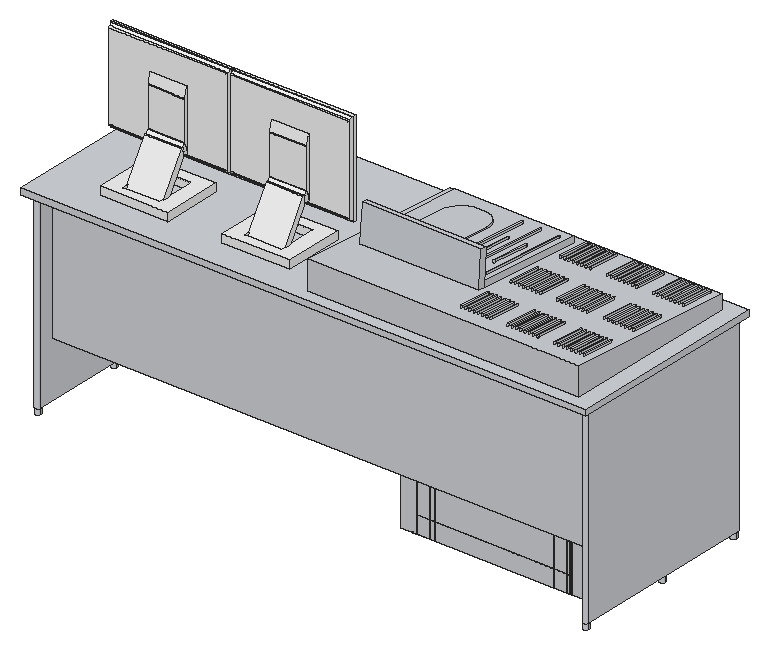
Revit family
Parameters (values of type "mixing console desk2")
  Model = ""
  Manufacturer = "Revit"
  Support Material = none
  Desk Material = none
  Description = "Desk"
  Assembly Code = ""
Reference planes
  plane 1 "Center (Front/Back)": y = 0
  plane 2: z = 0
  plane 3 "Center (Left/Right)": x = 0
  plane 4 "Top": z = 720
  plane 5: z = 700
  plane 6 "base": z = 20
  plane 7 "base1": z = 220
  plane 8: y = -255
  plane 9: x = -173.75
  plane 10: x = -187.083
Forms (mm)
  Extrusion 1, solid, material <- "Desk Material"
    sketch origin (0, 0, 0) x (1, 0, 0) y (0, 1, 0)
      loop
        line (-1280, 0) -> (-1280, -720) -> (720, -720) -> (720, 0) -> (-1280, 0)
    from 700 to 720
  Extrusion 2, solid, material <- "Desk Material"
    sketch origin (0, 0, 20) x (0, -1, 0) y (1, 0, 0)
      loop
        line (15, -1260) -> (680, -1260)
        arc (680, -1260) -> (690, -1250) -> (680, -1240) r 10
        line (680, -1240) -> (15, -1240) -> (15, -1260)
      loop
        line (15, 700) -> (15, 680) -> (680, 680)
        arc (680, 680) -> (690, 690) -> (680, 700) r 10
        line (680, 700) -> (15, 700)
    from 0 to 680
  Extrusion 3, solid, material <- "Support Material"
    sketch origin (0, 0, 220) x (1, 0, 0) y (0, 1, 0)
      loop
        circle (-1250, -26.581) r 10
      loop
        circle (-1250, -679.344) r 10
      loop
        circle (-1250, -341.581) r 10
      loop
        circle (690, -26.581) r 10
      loop
        circle (690, -679.344) r 10
      loop
        circle (690, -341.581) r 10
    from -220 to -200
  Extrusion 4, solid, material <- "Desk Material"
    sketch origin (0, -140, 220) x (1, 0, 0) y (0, 1, 0)
      loop
        line (-1240, -470) -> (-1240, -490) -> (680, -490) -> (680, -470) -> (-1240, -470)
    from 0 to 480
  Extrusion 5, solid, not visible
    sketch origin (0, 0, 0) x (1, 0, 0) y (0, 0, 1)
      loop
        line (-300, 709.5) -> (-300, 80) -> (-242.5, 80) -> (-242.5, 709.5) -> (-300, 709.5)
    from 0 to 650
  Extrusion 6, solid, not visible
    sketch origin (0, 0, 0) x (1, 0, 0) y (0, 0, 1)
      loop
        line (-242.5, 140) -> (-242.5, 80) -> (242.5, 80) -> (242.5, 140) -> (-242.5, 140)
    from 0 to 650
  Extrusion 7, solid, not visible
    sketch origin (542.5, 0, 0) x (1, 0, 0) y (0, 0, 1)
      loop
        line (-300, 709.5) -> (-300, 80) -> (-242.5, 80) -> (-242.5, 709.5) -> (-300, 709.5)
    from 0 to 650
  Extrusion 8, solid, not visible
    sketch origin (0, 0, 569.5) x (1, 0, 0) y (0, 0, 1)
      loop
        line (-242.5, 140) -> (-242.5, 80) -> (242.5, 80) -> (242.5, 140) -> (-242.5, 140)
    from 0 to 650
  Extrusion 9, solid, not visible
    sketch origin (0, 0, -1290.5) x (1, 0, 0) y (0, 0, 1)
      loop
        line (-242.5, 1851) -> (-242.5, 1806.5) -> (242.5, 1806.5) -> (242.5, 1851) -> (-242.5, 1851)
    from 0 to 500
  Extrusion 10, solid, not visible
    sketch origin (0, 0, -1424) x (1, 0, 0) y (0, 0, 1)
      loop
        line (-242.5, 1851) -> (-242.5, 1806.5) -> (242.5, 1806.5) -> (242.5, 1851) -> (-242.5, 1851)
    from 0 to 500
  Extrusion 11, solid, not visible
    sketch origin (0, 0, -1557.5) x (1, 0, 0) y (0, 0, 1)
      loop
        line (-242.5, 1851) -> (-242.5, 1806.5) -> (242.5, 1806.5) -> (242.5, 1851) -> (-242.5, 1851)
    from 0 to 500
  Extrusion 12, solid, not visible
    sketch origin (0, 0, -1290.5) x (1, 0, 0) y (0, 0, 1)
      loop
        line (-242.5, 1940) -> (-242.5, 1851) -> (242.5, 1851) -> (242.5, 1940) -> (-242.5, 1940)
    from 0 to 500
  Extrusion 13, solid, not visible
    sketch origin (0, 0, -1424) x (1, 0, 0) y (0, 0, 1)
      loop
        line (-242.5, 1940) -> (-242.5, 1851) -> (242.5, 1851) -> (242.5, 1940) -> (-242.5, 1940)
    from 0 to 500
  Extrusion 14, solid, not visible
    sketch origin (0, 0, -1557.5) x (1, 0, 0) y (0, 0, 1)
      loop
        line (-242.5, 1940) -> (-242.5, 1851) -> (242.5, 1851) -> (242.5, 1940) -> (-242.5, 1940)
    from 0 to 500
  Extrusion 15, solid, not visible
    sketch origin (0, 0, -1691) x (1, 0, 0) y (0, 0, 1)
      loop
        line (-242.5, 1940) -> (-242.5, 1831) -> (242.5, 1831) -> (242.5, 1940) -> (-242.5, 1940)
    from 0 to 500
  Extrusion 16, solid, material "Glass", not visible
    sketch origin (0, -650, 0) x (0, 0, 1) y (-1, 0, 0)
      loop
        line (709.5, 242.5) -> (140, 242.5) -> (140, -242.5) -> (709.5, -242.5) -> (709.5, 242.5)
    from 0 to -10
  Extrusion 17, solid, material "Default", not visible
    sketch origin (0, 0, 16.666) x (0, -1, 0) y (1, 0, 0)
      loop
        line (249.477, -187.083) -> (260.523, -187.083) -> (268.333, -179.273) -> (268.333, -168.227) -> (260.523, -160.417) -> (249.477, -160.417) -> (241.667, -168.227) -> (241.667, -179.273) -> (249.477, -187.083)
    from 0 to 10
  Revolve 18, solid, not visible
    sketch origin (0, -255, -5.882) x (1, 0, 0) y (0, 0, 1)
      loop
        line (-173.75, 22.549) -> (-173.75, 85.882) -> (-178.75, 85.882) -> (-178.75, 22.549) -> (-190.417, 22.549)
        arc (-190.417, 22.549) -> (-193.363, 21.328) -> (-194.583, 18.382) r 4.167
        line (-194.583, 18.382) -> (-194.583, 10.049) -> (-192.083, 10.049) -> (-192.083, 5.882) -> (-173.75, 5.882) -> (-173.75, 22.549)
      axis (-173.75, 85.882) -> (-173.75, 5.882)
    angle from 0 to 360
  Extrusion 19, solid
    sketch origin (257.5, -585, -60) x (-1, 0, 0) y (0, 0, 1)
      loop
        line (-300, 709.5) -> (-300, 80) -> (-242.5, 80) -> (-242.5, 709.5) -> (-300, 709.5)
    from 0 to 650
  Extrusion 20, solid
    sketch origin (257.5, -585, -60) x (-1, 0, 0) y (0, 0, 1)
      loop
        line (-242.5, 140) -> (-242.5, 80) -> (242.5, 80) -> (242.5, 140) -> (-242.5, 140)
    from 0 to 650
  Extrusion 21, solid
    sketch origin (-285, -585, -60) x (-1, 0, 0) y (0, 0, 1)
      loop
        line (-300, 709.5) -> (-300, 80) -> (-242.5, 80) -> (-242.5, 709.5) -> (-300, 709.5)
    from 0 to 650
  Extrusion 22, solid
    sketch origin (257.5, -585, 509.5) x (-1, 0, 0) y (0, 0, 1)
      loop
        line (-242.5, 140) -> (-242.5, 80) -> (242.5, 80) -> (242.5, 140) -> (-242.5, 140)
    from 0 to 650
  Extrusion 23, solid
    sketch origin (257.5, -585, -1350.5) x (-1, 0, 0) y (0, 0, 1)
      loop
        line (-242.5, 1851) -> (-242.5, 1806.5) -> (242.5, 1806.5) -> (242.5, 1851) -> (-242.5, 1851)
    from 0 to 500
  Extrusion 24, solid
    sketch origin (257.5, -585, -1484) x (-1, 0, 0) y (0, 0, 1)
      loop
        line (-242.5, 1851) -> (-242.5, 1806.5) -> (242.5, 1806.5) -> (242.5, 1851) -> (-242.5, 1851)
    from 0 to 500
  Extrusion 25, solid
    sketch origin (257.5, -585, -1617.5) x (-1, 0, 0) y (0, 0, 1)
      loop
        line (-242.5, 1851) -> (-242.5, 1806.5) -> (242.5, 1806.5) -> (242.5, 1851) -> (-242.5, 1851)
    from 0 to 500
  Extrusion 26, solid
    sketch origin (257.5, -585, -1350.5) x (-1, 0, 0) y (0, 0, 1)
      loop
        line (-242.5, 1940) -> (-242.5, 1851) -> (242.5, 1851) -> (242.5, 1940) -> (-242.5, 1940)
    from 0 to 500
  Extrusion 27, solid
    sketch origin (257.5, -585, -1484) x (-1, 0, 0) y (0, 0, 1)
      loop
        line (-242.5, 1940) -> (-242.5, 1851) -> (242.5, 1851) -> (242.5, 1940) -> (-242.5, 1940)
    from 0 to 500
  Extrusion 28, solid
    sketch origin (257.5, -585, -1617.5) x (-1, 0, 0) y (0, 0, 1)
      loop
        line (-242.5, 1940) -> (-242.5, 1851) -> (242.5, 1851) -> (242.5, 1940) -> (-242.5, 1940)
    from 0 to 500
  Extrusion 29, solid
    sketch origin (257.5, -585, -1751) x (-1, 0, 0) y (0, 0, 1)
      loop
        line (-242.5, 1940) -> (-242.5, 1831) -> (242.5, 1831) -> (242.5, 1940) -> (-242.5, 1940)
    from 0 to 500
  Extrusion 30, solid, material "Glass"
    sketch origin (257.5, 65, -60) x (0, 0, 1) y (1, 0, 0)
      loop
        line (709.5, 242.5) -> (140, 242.5) -> (140, -242.5) -> (709.5, -242.5) -> (709.5, 242.5)
    from 0 to -10
  Blend 31, solid
    base sketch origin (0, -711.409, 402.35) x (1, 0, 0) y (0, 0, -1)
      loop
        line (660.862, -417.65) -> (660.862, -317.65) -> (-299.138, -317.65) -> (-299.138, -417.65) -> (660.862, -417.65)
    top sketch origin (0, -711.409, 402.35) x (1, 0, 0) y (0, 0, -1)
      loop
        line (660.862, -317.65) -> (-299.138, -317.65) -> (-299.138, -367.65) -> (660.862, -367.65) -> (660.862, -317.65)
    from 35.577 to 666.409
  Extrusion 32, solid
    sketch origin (0, 12.233, 765.463) x (1, 0, 0) y (0, 0.996873, -0.079016)
      loop
        line (634.083, -188.365) -> (634.083, -73.365)
        arc (634.083, -73.365) -> (631.583, -70.865) -> (629.083, -73.365) r 2.5
        line (629.083, -73.365) -> (629.083, -188.365)
        arc (629.083, -188.365) -> (631.583, -190.865) -> (634.083, -188.365) r 2.5
    from 0 to 6.044
  Extrusion 33, solid
    sketch origin (-15, 12.233, 765.463) x (1, 0, 0) y (0, 0.996873, -0.079016)
      loop
        line (634.083, -188.365) -> (634.083, -73.365)
        arc (634.083, -73.365) -> (631.583, -70.865) -> (629.083, -73.365) r 2.5
        line (629.083, -73.365) -> (629.083, -188.365)
        arc (629.083, -188.365) -> (631.583, -190.865) -> (634.083, -188.365) r 2.5
    from 0 to 6.044
  Extrusion 34, solid
    sketch origin (-30, 12.233, 765.463) x (1, 0, 0) y (0, 0.996873, -0.079016)
      loop
        line (634.083, -188.365) -> (634.083, -73.365)
        arc (634.083, -73.365) -> (631.583, -70.865) -> (629.083, -73.365) r 2.5
        line (629.083, -73.365) -> (629.083, -188.365)
        arc (629.083, -188.365) -> (631.583, -190.865) -> (634.083, -188.365) r 2.5
    from 0 to 6.044
  Extrusion 35, solid
    sketch origin (-45, 12.233, 765.463) x (1, 0, 0) y (0, 0.996873, -0.079016)
      loop
        line (634.083, -188.365) -> (634.083, -73.365)
        arc (634.083, -73.365) -> (631.583, -70.865) -> (629.083, -73.365) r 2.5
        line (629.083, -73.365) -> (629.083, -188.365)
        arc (629.083, -188.365) -> (631.583, -190.865) -> (634.083, -188.365) r 2.5
    from 0 to 6.044
  Extrusion 36, solid
    sketch origin (-60, 12.233, 765.463) x (1, 0, 0) y (0, 0.996873, -0.079016)
      loop
        line (634.083, -188.365) -> (634.083, -73.365)
        arc (634.083, -73.365) -> (631.583, -70.865) -> (629.083, -73.365) r 2.5
        line (629.083, -73.365) -> (629.083, -188.365)
        arc (629.083, -188.365) -> (631.583, -190.865) -> (634.083, -188.365) r 2.5
    from 0 to 6.044
  Extrusion 37, solid
    sketch origin (302.5, -585, -60) x (-1, 0, 0) y (0, 0, 1)
      loop
        line (-300, 709.5) -> (-300, 80) -> (-242.5, 80) -> (-242.5, 709.5) -> (-300, 709.5)
    from 0 to 650
  Extrusion 38, solid
    sketch origin (302.5, -585, -60) x (-1, 0, 0) y (0, 0, 1)
      loop
        line (-242.5, 140) -> (-242.5, 80) -> (242.5, 80) -> (242.5, 140) -> (-242.5, 140)
    from 0 to 650
  Extrusion 39, solid
    sketch origin (-240, -585, -60) x (-1, 0, 0) y (0, 0, 1)
      loop
        line (-300, 709.5) -> (-300, 80) -> (-242.5, 80) -> (-242.5, 709.5) -> (-300, 709.5)
    from 0 to 650
  Extrusion 40, solid
    sketch origin (302.5, -585, 509.5) x (-1, 0, 0) y (0, 0, 1)
      loop
        line (-242.5, 140) -> (-242.5, 80) -> (242.5, 80) -> (242.5, 140) -> (-242.5, 140)
    from 0 to 650
  Extrusion 41, solid
    sketch origin (302.5, -585, -1350.5) x (-1, 0, 0) y (0, 0, 1)
      loop
        line (-242.5, 1851) -> (-242.5, 1806.5) -> (242.5, 1806.5) -> (242.5, 1851) -> (-242.5, 1851)
    from 0 to 500
  Extrusion 42, solid
    sketch origin (302.5, -585, -1484) x (-1, 0, 0) y (0, 0, 1)
      loop
        line (-242.5, 1851) -> (-242.5, 1806.5) -> (242.5, 1806.5) -> (242.5, 1851) -> (-242.5, 1851)
    from 0 to 500
  Extrusion 43, solid
    sketch origin (302.5, -585, -1617.5) x (-1, 0, 0) y (0, 0, 1)
      loop
        line (-242.5, 1851) -> (-242.5, 1806.5) -> (242.5, 1806.5) -> (242.5, 1851) -> (-242.5, 1851)
    from 0 to 500
  Extrusion 44, solid
    sketch origin (302.5, -585, -1350.5) x (-1, 0, 0) y (0, 0, 1)
      loop
        line (-242.5, 1940) -> (-242.5, 1851) -> (242.5, 1851) -> (242.5, 1940) -> (-242.5, 1940)
    from 0 to 500
  Extrusion 45, solid
    sketch origin (302.5, -585, -1484) x (-1, 0, 0) y (0, 0, 1)
      loop
        line (-242.5, 1940) -> (-242.5, 1851) -> (242.5, 1851) -> (242.5, 1940) -> (-242.5, 1940)
    from 0 to 500
  Extrusion 46, solid
    sketch origin (302.5, -585, -1617.5) x (-1, 0, 0) y (0, 0, 1)
      loop
        line (-242.5, 1940) -> (-242.5, 1851) -> (242.5, 1851) -> (242.5, 1940) -> (-242.5, 1940)
    from 0 to 500
  Extrusion 47, solid
    sketch origin (302.5, -585, -1751) x (-1, 0, 0) y (0, 0, 1)
      loop
        line (-242.5, 1940) -> (-242.5, 1831) -> (242.5, 1831) -> (242.5, 1940) -> (-242.5, 1940)
    from 0 to 500
  Extrusion 48, solid, material "Glass"
    sketch origin (302.5, 65, -60) x (0, 0, 1) y (1, 0, 0)
      loop
        line (709.5, 242.5) -> (140, 242.5) -> (140, -242.5) -> (709.5, -242.5) -> (709.5, 242.5)
    from 0 to -10
  Extrusion 49, solid
    sketch origin (-75, 12.233, 765.463) x (1, 0, 0) y (0, 0.996873, -0.079016)
      loop
        line (634.083, -188.365) -> (634.083, -73.365)
        arc (634.083, -73.365) -> (631.583, -70.865) -> (629.083, -73.365) r 2.5
        line (629.083, -73.365) -> (629.083, -188.365)
        arc (629.083, -188.365) -> (631.583, -190.865) -> (634.083, -188.365) r 2.5
    from 0 to 6.044
  Extrusion 50, solid
    sketch origin (-90, 12.233, 765.463) x (1, 0, 0) y (0, 0.996873, -0.079016)
      loop
        line (634.083, -188.365) -> (634.083, -73.365)
        arc (634.083, -73.365) -> (631.583, -70.865) -> (629.083, -73.365) r 2.5
        line (629.083, -73.365) -> (629.083, -188.365)
        arc (629.083, -188.365) -> (631.583, -190.865) -> (634.083, -188.365) r 2.5
    from 0 to 6.044
  Extrusion 51, solid
    sketch origin (-105, 12.233, 765.463) x (1, 0, 0) y (0, 0.996873, -0.079016)
      loop
        line (634.083, -188.365) -> (634.083, -73.365)
        arc (634.083, -73.365) -> (631.583, -70.865) -> (629.083, -73.365) r 2.5
        line (629.083, -73.365) -> (629.083, -188.365)
        arc (629.083, -188.365) -> (631.583, -190.865) -> (634.083, -188.365) r 2.5
    from 0 to 6.044
  Extrusion 52, solid
    sketch origin (-165, 12.233, 765.463) x (1, 0, 0) y (0, 0.996873, -0.079016)
      loop
        line (634.083, -188.365) -> (634.083, -73.365)
        arc (634.083, -73.365) -> (631.583, -70.865) -> (629.083, -73.365) r 2.5
        line (629.083, -73.365) -> (629.083, -188.365)
        arc (629.083, -188.365) -> (631.583, -190.865) -> (634.083, -188.365) r 2.5
    from 0 to 6.044
  Extrusion 53, solid
    sketch origin (-180, 12.233, 765.463) x (1, 0, 0) y (0, 0.996873, -0.079016)
      loop
        line (634.083, -188.365) -> (634.083, -73.365)
        arc (634.083, -73.365) -> (631.583, -70.865) -> (629.083, -73.365) r 2.5
        line (629.083, -73.365) -> (629.083, -188.365)
        arc (629.083, -188.365) -> (631.583, -190.865) -> (634.083, -188.365) r 2.5
    from 0 to 6.044
  Extrusion 54, solid
    sketch origin (-195, 12.233, 765.463) x (1, 0, 0) y (0, 0.996873, -0.079016)
      loop
        line (634.083, -188.365) -> (634.083, -73.365)
        arc (634.083, -73.365) -> (631.583, -70.865) -> (629.083, -73.365) r 2.5
        line (629.083, -73.365) -> (629.083, -188.365)
        arc (629.083, -188.365) -> (631.583, -190.865) -> (634.083, -188.365) r 2.5
    from 0 to 6.044
  Extrusion 55, solid
    sketch origin (-210, 12.233, 765.463) x (1, 0, 0) y (0, 0.996873, -0.079016)
      loop
        line (634.083, -188.365) -> (634.083, -73.365)
        arc (634.083, -73.365) -> (631.583, -70.865) -> (629.083, -73.365) r 2.5
        line (629.083, -73.365) -> (629.083, -188.365)
        arc (629.083, -188.365) -> (631.583, -190.865) -> (634.083, -188.365) r 2.5
    from 0 to 6.044
  Extrusion 56, solid
    sketch origin (-225, 12.233, 765.463) x (1, 0, 0) y (0, 0.996873, -0.079016)
      loop
        line (634.083, -188.365) -> (634.083, -73.365)
        arc (634.083, -73.365) -> (631.583, -70.865) -> (629.083, -73.365) r 2.5
        line (629.083, -73.365) -> (629.083, -188.365)
        arc (629.083, -188.365) -> (631.583, -190.865) -> (634.083, -188.365) r 2.5
    from 0 to 6.044
  Extrusion 57, solid
    sketch origin (-240, 12.233, 765.463) x (1, 0, 0) y (0, 0.996873, -0.079016)
      loop
        line (634.083, -188.365) -> (634.083, -73.365)
        arc (634.083, -73.365) -> (631.583, -70.865) -> (629.083, -73.365) r 2.5
        line (629.083, -73.365) -> (629.083, -188.365)
        arc (629.083, -188.365) -> (631.583, -190.865) -> (634.083, -188.365) r 2.5
    from 0 to 6.044
  Extrusion 58, solid
    sketch origin (-255, 12.233, 765.463) x (1, 0, 0) y (0, 0.996873, -0.079016)
      loop
        line (634.083, -188.365) -> (634.083, -73.365)
        arc (634.083, -73.365) -> (631.583, -70.865) -> (629.083, -73.365) r 2.5
        line (629.083, -73.365) -> (629.083, -188.365)
        arc (629.083, -188.365) -> (631.583, -190.865) -> (634.083, -188.365) r 2.5
    from 0 to 6.044
  Extrusion 59, solid
    sketch origin (-270, 12.233, 765.463) x (1, 0, 0) y (0, 0.996873, -0.079016)
      loop
        line (634.083, -188.365) -> (634.083, -73.365)
        arc (634.083, -73.365) -> (631.583, -70.865) -> (629.083, -73.365) r 2.5
        line (629.083, -73.365) -> (629.083, -188.365)
        arc (629.083, -188.365) -> (631.583, -190.865) -> (634.083, -188.365) r 2.5
    from 0 to 6.044
  Extrusion 60, solid
    sketch origin (-330, 12.233, 765.463) x (1, 0, 0) y (0, 0.996873, -0.079016)
      loop
        line (634.083, -188.365) -> (634.083, -73.365)
        arc (634.083, -73.365) -> (631.583, -70.865) -> (629.083, -73.365) r 2.5
        line (629.083, -73.365) -> (629.083, -188.365)
        arc (629.083, -188.365) -> (631.583, -190.865) -> (634.083, -188.365) r 2.5
    from 0 to 6.044
  Extrusion 61, solid
    sketch origin (-345, 12.233, 765.463) x (1, 0, 0) y (0, 0.996873, -0.079016)
      loop
        line (634.083, -188.365) -> (634.083, -73.365)
        arc (634.083, -73.365) -> (631.583, -70.865) -> (629.083, -73.365) r 2.5
        line (629.083, -73.365) -> (629.083, -188.365)
        arc (629.083, -188.365) -> (631.583, -190.865) -> (634.083, -188.365) r 2.5
    from 0 to 6.044
  Extrusion 62, solid
    sketch origin (-360, 12.233, 765.463) x (1, 0, 0) y (0, 0.996873, -0.079016)
      loop
        line (634.083, -188.365) -> (634.083, -73.365)
        arc (634.083, -73.365) -> (631.583, -70.865) -> (629.083, -73.365) r 2.5
        line (629.083, -73.365) -> (629.083, -188.365)
        arc (629.083, -188.365) -> (631.583, -190.865) -> (634.083, -188.365) r 2.5
    from 0 to 6.044
  Extrusion 63, solid
    sketch origin (-375, 12.233, 765.463) x (1, 0, 0) y (0, 0.996873, -0.079016)
      loop
        line (634.083, -188.365) -> (634.083, -73.365)
        arc (634.083, -73.365) -> (631.583, -70.865) -> (629.083, -73.365) r 2.5
        line (629.083, -73.365) -> (629.083, -188.365)
        arc (629.083, -188.365) -> (631.583, -190.865) -> (634.083, -188.365) r 2.5
    from 0 to 6.044
  Extrusion 64, solid
    sketch origin (-390, 12.233, 765.463) x (1, 0, 0) y (0, 0.996873, -0.079016)
      loop
        line (634.083, -188.365) -> (634.083, -73.365)
        arc (634.083, -73.365) -> (631.583, -70.865) -> (629.083, -73.365) r 2.5
        line (629.083, -73.365) -> (629.083, -188.365)
        arc (629.083, -188.365) -> (631.583, -190.865) -> (634.083, -188.365) r 2.5
    from 0 to 6.044
  Extrusion 65, solid
    sketch origin (-405, 12.233, 765.463) x (1, 0, 0) y (0, 0.996873, -0.079016)
      loop
        line (634.083, -188.365) -> (634.083, -73.365)
        arc (634.083, -73.365) -> (631.583, -70.865) -> (629.083, -73.365) r 2.5
        line (629.083, -73.365) -> (629.083, -188.365)
        arc (629.083, -188.365) -> (631.583, -190.865) -> (634.083, -188.365) r 2.5
    from 0 to 6.044
  Extrusion 66, solid
    sketch origin (-420, 12.233, 765.463) x (1, 0, 0) y (0, 0.996873, -0.079016)
      loop
        line (634.083, -188.365) -> (634.083, -73.365)
        arc (634.083, -73.365) -> (631.583, -70.865) -> (629.083, -73.365) r 2.5
        line (629.083, -73.365) -> (629.083, -188.365)
        arc (629.083, -188.365) -> (631.583, -190.865) -> (634.083, -188.365) r 2.5
    from 0 to 6.044
  Extrusion 67, solid
    sketch origin (-435, 12.233, 765.463) x (1, 0, 0) y (0, 0.996873, -0.079016)
      loop
        line (634.083, -188.365) -> (634.083, -73.365)
        arc (634.083, -73.365) -> (631.583, -70.865) -> (629.083, -73.365) r 2.5
        line (629.083, -73.365) -> (629.083, -188.365)
        arc (629.083, -188.365) -> (631.583, -190.865) -> (634.083, -188.365) r 2.5
    from 0 to 6.044
  Extrusion 68, solid
    sketch origin (-20, -582.892, 833.493) x (1, 0, 0) y (0, -0.996843, 0.079399)
      loop
        line (-236.472, -109.014) -> (-236.472, -509.014) -> (183.528, -509.014) -> (183.528, -109.014) -> (-236.472, -109.014)
    from 0 to 20.597
  Extrusion 69, solid
    sketch origin (-20, -435.443, 1311.712) x (1, 0, 0) y (0, 0.079399, 0.996843)
      loop
        line (-236.472, -382.419) -> (-236.472, -509.014) -> (183.528, -509.014) -> (183.528, -382.419) -> (-236.472, -382.419)
    from 0 to 20.597
  Extrusion 70, solid
    sketch origin (0, -207.079, 782.847) x (1, 0, 0) y (0, 0.996873, -0.079016)
      loop
        line (634.083, -188.365) -> (634.083, -73.365)
        arc (634.083, -73.365) -> (631.583, -70.865) -> (629.083, -73.365) r 2.5
        line (629.083, -73.365) -> (629.083, -188.365)
        arc (629.083, -188.365) -> (631.583, -190.865) -> (634.083, -188.365) r 2.5
    from 0 to 6.044
  Extrusion 71, solid
    sketch origin (-15, -207.079, 782.847) x (1, 0, 0) y (0, 0.996873, -0.079016)
      loop
        line (634.083, -188.365) -> (634.083, -73.365)
        arc (634.083, -73.365) -> (631.583, -70.865) -> (629.083, -73.365) r 2.5
        line (629.083, -73.365) -> (629.083, -188.365)
        arc (629.083, -188.365) -> (631.583, -190.865) -> (634.083, -188.365) r 2.5
    from 0 to 6.044
  Extrusion 72, solid
    sketch origin (-30, -207.079, 782.847) x (1, 0, 0) y (0, 0.996873, -0.079016)
      loop
        line (634.083, -188.365) -> (634.083, -73.365)
        arc (634.083, -73.365) -> (631.583, -70.865) -> (629.083, -73.365) r 2.5
        line (629.083, -73.365) -> (629.083, -188.365)
        arc (629.083, -188.365) -> (631.583, -190.865) -> (634.083, -188.365) r 2.5
    from 0 to 6.044
  Extrusion 73, solid
    sketch origin (-45, -207.079, 782.847) x (1, 0, 0) y (0, 0.996873, -0.079016)
      loop
        line (634.083, -188.365) -> (634.083, -73.365)
        arc (634.083, -73.365) -> (631.583, -70.865) -> (629.083, -73.365) r 2.5
        line (629.083, -73.365) -> (629.083, -188.365)
        arc (629.083, -188.365) -> (631.583, -190.865) -> (634.083, -188.365) r 2.5
    from 0 to 6.044
  Extrusion 74, solid
    sketch origin (-60, -207.079, 782.847) x (1, 0, 0) y (0, 0.996873, -0.079016)
      loop
        line (634.083, -188.365) -> (634.083, -73.365)
        arc (634.083, -73.365) -> (631.583, -70.865) -> (629.083, -73.365) r 2.5
        line (629.083, -73.365) -> (629.083, -188.365)
        arc (629.083, -188.365) -> (631.583, -190.865) -> (634.083, -188.365) r 2.5
    from 0 to 6.044
  Extrusion 75, solid
    sketch origin (-75, -207.079, 782.847) x (1, 0, 0) y (0, 0.996873, -0.079016)
      loop
        line (634.083, -188.365) -> (634.083, -73.365)
        arc (634.083, -73.365) -> (631.583, -70.865) -> (629.083, -73.365) r 2.5
        line (629.083, -73.365) -> (629.083, -188.365)
        arc (629.083, -188.365) -> (631.583, -190.865) -> (634.083, -188.365) r 2.5
    from 0 to 6.044
  Extrusion 76, solid
    sketch origin (-90, -207.079, 782.847) x (1, 0, 0) y (0, 0.996873, -0.079016)
      loop
        line (634.083, -188.365) -> (634.083, -73.365)
        arc (634.083, -73.365) -> (631.583, -70.865) -> (629.083, -73.365) r 2.5
        line (629.083, -73.365) -> (629.083, -188.365)
        arc (629.083, -188.365) -> (631.583, -190.865) -> (634.083, -188.365) r 2.5
    from 0 to 6.044
  Extrusion 77, solid
    sketch origin (-105, -207.079, 782.847) x (1, 0, 0) y (0, 0.996873, -0.079016)
      loop
        line (634.083, -188.365) -> (634.083, -73.365)
        arc (634.083, -73.365) -> (631.583, -70.865) -> (629.083, -73.365) r 2.5
        line (629.083, -73.365) -> (629.083, -188.365)
        arc (629.083, -188.365) -> (631.583, -190.865) -> (634.083, -188.365) r 2.5
    from 0 to 6.044
  Extrusion 78, solid
    sketch origin (-165, -207.079, 782.847) x (1, 0, 0) y (0, 0.996873, -0.079016)
      loop
        line (634.083, -188.365) -> (634.083, -73.365)
        arc (634.083, -73.365) -> (631.583, -70.865) -> (629.083, -73.365) r 2.5
        line (629.083, -73.365) -> (629.083, -188.365)
        arc (629.083, -188.365) -> (631.583, -190.865) -> (634.083, -188.365) r 2.5
    from 0 to 6.044
  Extrusion 79, solid
    sketch origin (-180, -207.079, 782.847) x (1, 0, 0) y (0, 0.996873, -0.079016)
      loop
        line (634.083, -188.365) -> (634.083, -73.365)
        arc (634.083, -73.365) -> (631.583, -70.865) -> (629.083, -73.365) r 2.5
        line (629.083, -73.365) -> (629.083, -188.365)
        arc (629.083, -188.365) -> (631.583, -190.865) -> (634.083, -188.365) r 2.5
    from 0 to 6.044
  Extrusion 80, solid
    sketch origin (-195, -207.079, 782.847) x (1, 0, 0) y (0, 0.996873, -0.079016)
      loop
        line (634.083, -188.365) -> (634.083, -73.365)
        arc (634.083, -73.365) -> (631.583, -70.865) -> (629.083, -73.365) r 2.5
        line (629.083, -73.365) -> (629.083, -188.365)
        arc (629.083, -188.365) -> (631.583, -190.865) -> (634.083, -188.365) r 2.5
    from 0 to 6.044
  Extrusion 81, solid
    sketch origin (-210, -207.079, 782.847) x (1, 0, 0) y (0, 0.996873, -0.079016)
      loop
        line (634.083, -188.365) -> (634.083, -73.365)
        arc (634.083, -73.365) -> (631.583, -70.865) -> (629.083, -73.365) r 2.5
        line (629.083, -73.365) -> (629.083, -188.365)
        arc (629.083, -188.365) -> (631.583, -190.865) -> (634.083, -188.365) r 2.5
    from 0 to 6.044
  Extrusion 82, solid
    sketch origin (-225, -207.079, 782.847) x (1, 0, 0) y (0, 0.996873, -0.079016)
      loop
        line (634.083, -188.365) -> (634.083, -73.365)
        arc (634.083, -73.365) -> (631.583, -70.865) -> (629.083, -73.365) r 2.5
        line (629.083, -73.365) -> (629.083, -188.365)
        arc (629.083, -188.365) -> (631.583, -190.865) -> (634.083, -188.365) r 2.5
    from 0 to 6.044
  Extrusion 83, solid
    sketch origin (-240, -207.079, 782.847) x (1, 0, 0) y (0, 0.996873, -0.079016)
      loop
        line (634.083, -188.365) -> (634.083, -73.365)
        arc (634.083, -73.365) -> (631.583, -70.865) -> (629.083, -73.365) r 2.5
        line (629.083, -73.365) -> (629.083, -188.365)
        arc (629.083, -188.365) -> (631.583, -190.865) -> (634.083, -188.365) r 2.5
    from 0 to 6.044
  Extrusion 84, solid
    sketch origin (-255, -207.079, 782.847) x (1, 0, 0) y (0, 0.996873, -0.079016)
      loop
        line (634.083, -188.365) -> (634.083, -73.365)
        arc (634.083, -73.365) -> (631.583, -70.865) -> (629.083, -73.365) r 2.5
        line (629.083, -73.365) -> (629.083, -188.365)
        arc (629.083, -188.365) -> (631.583, -190.865) -> (634.083, -188.365) r 2.5
    from 0 to 6.044
  Extrusion 85, solid
    sketch origin (-270, -207.079, 782.847) x (1, 0, 0) y (0, 0.996873, -0.079016)
      loop
        line (634.083, -188.365) -> (634.083, -73.365)
        arc (634.083, -73.365) -> (631.583, -70.865) -> (629.083, -73.365) r 2.5
        line (629.083, -73.365) -> (629.083, -188.365)
        arc (629.083, -188.365) -> (631.583, -190.865) -> (634.083, -188.365) r 2.5
    from 0 to 6.044
  Extrusion 86, solid
    sketch origin (-330, -207.079, 782.847) x (1, 0, 0) y (0, 0.996873, -0.079016)
      loop
        line (634.083, -188.365) -> (634.083, -73.365)
        arc (634.083, -73.365) -> (631.583, -70.865) -> (629.083, -73.365) r 2.5
        line (629.083, -73.365) -> (629.083, -188.365)
        arc (629.083, -188.365) -> (631.583, -190.865) -> (634.083, -188.365) r 2.5
    from 0 to 6.044
  Extrusion 87, solid
    sketch origin (-345, -207.079, 782.847) x (1, 0, 0) y (0, 0.996873, -0.079016)
      loop
        line (634.083, -188.365) -> (634.083, -73.365)
        arc (634.083, -73.365) -> (631.583, -70.865) -> (629.083, -73.365) r 2.5
        line (629.083, -73.365) -> (629.083, -188.365)
        arc (629.083, -188.365) -> (631.583, -190.865) -> (634.083, -188.365) r 2.5
    from 0 to 6.044
  Extrusion 88, solid
    sketch origin (-360, -207.079, 782.847) x (1, 0, 0) y (0, 0.996873, -0.079016)
      loop
        line (634.083, -188.365) -> (634.083, -73.365)
        arc (634.083, -73.365) -> (631.583, -70.865) -> (629.083, -73.365) r 2.5
        line (629.083, -73.365) -> (629.083, -188.365)
        arc (629.083, -188.365) -> (631.583, -190.865) -> (634.083, -188.365) r 2.5
    from 0 to 6.044
  Extrusion 89, solid
    sketch origin (-375, -207.079, 782.847) x (1, 0, 0) y (0, 0.996873, -0.079016)
      loop
        line (634.083, -188.365) -> (634.083, -73.365)
        arc (634.083, -73.365) -> (631.583, -70.865) -> (629.083, -73.365) r 2.5
        line (629.083, -73.365) -> (629.083, -188.365)
        arc (629.083, -188.365) -> (631.583, -190.865) -> (634.083, -188.365) r 2.5
    from 0 to 6.044
  Extrusion 90, solid
    sketch origin (-390, -207.079, 782.847) x (1, 0, 0) y (0, 0.996873, -0.079016)
      loop
        line (634.083, -188.365) -> (634.083, -73.365)
        arc (634.083, -73.365) -> (631.583, -70.865) -> (629.083, -73.365) r 2.5
        line (629.083, -73.365) -> (629.083, -188.365)
        arc (629.083, -188.365) -> (631.583, -190.865) -> (634.083, -188.365) r 2.5
    from 0 to 6.044
  Extrusion 91, solid
    sketch origin (-405, -207.079, 782.847) x (1, 0, 0) y (0, 0.996873, -0.079016)
      loop
        line (634.083, -188.365) -> (634.083, -73.365)
        arc (634.083, -73.365) -> (631.583, -70.865) -> (629.083, -73.365) r 2.5
        line (629.083, -73.365) -> (629.083, -188.365)
        arc (629.083, -188.365) -> (631.583, -190.865) -> (634.083, -188.365) r 2.5
    from 0 to 6.044
  Extrusion 92, solid
    sketch origin (-420, -207.079, 782.847) x (1, 0, 0) y (0, 0.996873, -0.079016)
      loop
        line (634.083, -188.365) -> (634.083, -73.365)
        arc (634.083, -73.365) -> (631.583, -70.865) -> (629.083, -73.365) r 2.5
        line (629.083, -73.365) -> (629.083, -188.365)
        arc (629.083, -188.365) -> (631.583, -190.865) -> (634.083, -188.365) r 2.5
    from 0 to 6.044
  Extrusion 93, solid
    sketch origin (-435, -207.079, 782.847) x (1, 0, 0) y (0, 0.996873, -0.079016)
      loop
        line (634.083, -188.365) -> (634.083, -73.365)
        arc (634.083, -73.365) -> (631.583, -70.865) -> (629.083, -73.365) r 2.5
        line (629.083, -73.365) -> (629.083, -188.365)
        arc (629.083, -188.365) -> (631.583, -190.865) -> (634.083, -188.365) r 2.5
    from 0 to 6.044
  Extrusion 94, solid
    sketch origin (0, -426.391, 800.23) x (1, 0, 0) y (0, 0.996873, -0.079016)
      loop
        line (634.083, -188.365) -> (634.083, -73.365)
        arc (634.083, -73.365) -> (631.583, -70.865) -> (629.083, -73.365) r 2.5
        line (629.083, -73.365) -> (629.083, -188.365)
        arc (629.083, -188.365) -> (631.583, -190.865) -> (634.083, -188.365) r 2.5
    from 0 to 6.044
  Extrusion 95, solid
    sketch origin (-15, -426.391, 800.23) x (1, 0, 0) y (0, 0.996873, -0.079016)
      loop
        line (634.083, -188.365) -> (634.083, -73.365)
        arc (634.083, -73.365) -> (631.583, -70.865) -> (629.083, -73.365) r 2.5
        line (629.083, -73.365) -> (629.083, -188.365)
        arc (629.083, -188.365) -> (631.583, -190.865) -> (634.083, -188.365) r 2.5
    from 0 to 6.044
  Extrusion 96, solid
    sketch origin (-30, -426.391, 800.23) x (1, 0, 0) y (0, 0.996873, -0.079016)
      loop
        line (634.083, -188.365) -> (634.083, -73.365)
        arc (634.083, -73.365) -> (631.583, -70.865) -> (629.083, -73.365) r 2.5
        line (629.083, -73.365) -> (629.083, -188.365)
        arc (629.083, -188.365) -> (631.583, -190.865) -> (634.083, -188.365) r 2.5
    from 0 to 6.044
  Extrusion 97, solid
    sketch origin (-45, -426.391, 800.23) x (1, 0, 0) y (0, 0.996873, -0.079016)
      loop
        line (634.083, -188.365) -> (634.083, -73.365)
        arc (634.083, -73.365) -> (631.583, -70.865) -> (629.083, -73.365) r 2.5
        line (629.083, -73.365) -> (629.083, -188.365)
        arc (629.083, -188.365) -> (631.583, -190.865) -> (634.083, -188.365) r 2.5
    from 0 to 6.044
  Extrusion 98, solid
    sketch origin (-60, -426.391, 800.23) x (1, 0, 0) y (0, 0.996873, -0.079016)
      loop
        line (634.083, -188.365) -> (634.083, -73.365)
        arc (634.083, -73.365) -> (631.583, -70.865) -> (629.083, -73.365) r 2.5
        line (629.083, -73.365) -> (629.083, -188.365)
        arc (629.083, -188.365) -> (631.583, -190.865) -> (634.083, -188.365) r 2.5
    from 0 to 6.044
  Extrusion 99, solid
    sketch origin (-75, -426.391, 800.23) x (1, 0, 0) y (0, 0.996873, -0.079016)
      loop
        line (634.083, -188.365) -> (634.083, -73.365)
        arc (634.083, -73.365) -> (631.583, -70.865) -> (629.083, -73.365) r 2.5
        line (629.083, -73.365) -> (629.083, -188.365)
        arc (629.083, -188.365) -> (631.583, -190.865) -> (634.083, -188.365) r 2.5
    from 0 to 6.044
  Extrusion 100, solid
    sketch origin (-90, -426.391, 800.23) x (1, 0, 0) y (0, 0.996873, -0.079016)
      loop
        line (634.083, -188.365) -> (634.083, -73.365)
        arc (634.083, -73.365) -> (631.583, -70.865) -> (629.083, -73.365) r 2.5
        line (629.083, -73.365) -> (629.083, -188.365)
        arc (629.083, -188.365) -> (631.583, -190.865) -> (634.083, -188.365) r 2.5
    from 0 to 6.044
  Extrusion 101, solid
    sketch origin (-105, -426.391, 800.23) x (1, 0, 0) y (0, 0.996873, -0.079016)
      loop
        line (634.083, -188.365) -> (634.083, -73.365)
        arc (634.083, -73.365) -> (631.583, -70.865) -> (629.083, -73.365) r 2.5
        line (629.083, -73.365) -> (629.083, -188.365)
        arc (629.083, -188.365) -> (631.583, -190.865) -> (634.083, -188.365) r 2.5
    from 0 to 6.044
  Extrusion 102, solid
    sketch origin (-165, -426.391, 800.23) x (1, 0, 0) y (0, 0.996873, -0.079016)
      loop
        line (634.083, -188.365) -> (634.083, -73.365)
        arc (634.083, -73.365) -> (631.583, -70.865) -> (629.083, -73.365) r 2.5
        line (629.083, -73.365) -> (629.083, -188.365)
        arc (629.083, -188.365) -> (631.583, -190.865) -> (634.083, -188.365) r 2.5
    from 0 to 6.044
  Extrusion 103, solid
    sketch origin (-180, -426.391, 800.23) x (1, 0, 0) y (0, 0.996873, -0.079016)
      loop
        line (634.083, -188.365) -> (634.083, -73.365)
        arc (634.083, -73.365) -> (631.583, -70.865) -> (629.083, -73.365) r 2.5
        line (629.083, -73.365) -> (629.083, -188.365)
        arc (629.083, -188.365) -> (631.583, -190.865) -> (634.083, -188.365) r 2.5
    from 0 to 6.044
  Extrusion 104, solid
    sketch origin (-195, -426.391, 800.23) x (1, 0, 0) y (0, 0.996873, -0.079016)
      loop
        line (634.083, -188.365) -> (634.083, -73.365)
        arc (634.083, -73.365) -> (631.583, -70.865) -> (629.083, -73.365) r 2.5
        line (629.083, -73.365) -> (629.083, -188.365)
        arc (629.083, -188.365) -> (631.583, -190.865) -> (634.083, -188.365) r 2.5
    from 0 to 6.044
  Extrusion 105, solid
    sketch origin (-210, -426.391, 800.23) x (1, 0, 0) y (0, 0.996873, -0.079016)
      loop
        line (634.083, -188.365) -> (634.083, -73.365)
        arc (634.083, -73.365) -> (631.583, -70.865) -> (629.083, -73.365) r 2.5
        line (629.083, -73.365) -> (629.083, -188.365)
        arc (629.083, -188.365) -> (631.583, -190.865) -> (634.083, -188.365) r 2.5
    from 0 to 6.044
  Extrusion 106, solid
    sketch origin (-225, -426.391, 800.23) x (1, 0, 0) y (0, 0.996873, -0.079016)
      loop
        line (634.083, -188.365) -> (634.083, -73.365)
        arc (634.083, -73.365) -> (631.583, -70.865) -> (629.083, -73.365) r 2.5
        line (629.083, -73.365) -> (629.083, -188.365)
        arc (629.083, -188.365) -> (631.583, -190.865) -> (634.083, -188.365) r 2.5
    from 0 to 6.044
  Extrusion 107, solid
    sketch origin (-240, -426.391, 800.23) x (1, 0, 0) y (0, 0.996873, -0.079016)
      loop
        line (634.083, -188.365) -> (634.083, -73.365)
        arc (634.083, -73.365) -> (631.583, -70.865) -> (629.083, -73.365) r 2.5
        line (629.083, -73.365) -> (629.083, -188.365)
        arc (629.083, -188.365) -> (631.583, -190.865) -> (634.083, -188.365) r 2.5
    from 0 to 6.044
  Extrusion 108, solid
    sketch origin (-255, -426.391, 800.23) x (1, 0, 0) y (0, 0.996873, -0.079016)
      loop
        line (634.083, -188.365) -> (634.083, -73.365)
        arc (634.083, -73.365) -> (631.583, -70.865) -> (629.083, -73.365) r 2.5
        line (629.083, -73.365) -> (629.083, -188.365)
        arc (629.083, -188.365) -> (631.583, -190.865) -> (634.083, -188.365) r 2.5
    from 0 to 6.044
  Extrusion 109, solid
    sketch origin (-270, -426.391, 800.23) x (1, 0, 0) y (0, 0.996873, -0.079016)
      loop
        line (634.083, -188.365) -> (634.083, -73.365)
        arc (634.083, -73.365) -> (631.583, -70.865) -> (629.083, -73.365) r 2.5
        line (629.083, -73.365) -> (629.083, -188.365)
        arc (629.083, -188.365) -> (631.583, -190.865) -> (634.083, -188.365) r 2.5
    from 0 to 6.044
  Extrusion 110, solid
    sketch origin (-330, -426.391, 800.23) x (1, 0, 0) y (0, 0.996873, -0.079016)
      loop
        line (634.083, -188.365) -> (634.083, -73.365)
        arc (634.083, -73.365) -> (631.583, -70.865) -> (629.083, -73.365) r 2.5
        line (629.083, -73.365) -> (629.083, -188.365)
        arc (629.083, -188.365) -> (631.583, -190.865) -> (634.083, -188.365) r 2.5
    from 0 to 6.044
  Extrusion 111, solid
    sketch origin (-345, -426.391, 800.23) x (1, 0, 0) y (0, 0.996873, -0.079016)
      loop
        line (634.083, -188.365) -> (634.083, -73.365)
        arc (634.083, -73.365) -> (631.583, -70.865) -> (629.083, -73.365) r 2.5
        line (629.083, -73.365) -> (629.083, -188.365)
        arc (629.083, -188.365) -> (631.583, -190.865) -> (634.083, -188.365) r 2.5
    from 0 to 6.044
  Extrusion 112, solid
    sketch origin (-360, -426.391, 800.23) x (1, 0, 0) y (0, 0.996873, -0.079016)
      loop
        line (634.083, -188.365) -> (634.083, -73.365)
        arc (634.083, -73.365) -> (631.583, -70.865) -> (629.083, -73.365) r 2.5
        line (629.083, -73.365) -> (629.083, -188.365)
        arc (629.083, -188.365) -> (631.583, -190.865) -> (634.083, -188.365) r 2.5
    from 0 to 6.044
  Extrusion 113, solid
    sketch origin (-375, -426.391, 800.23) x (1, 0, 0) y (0, 0.996873, -0.079016)
      loop
        line (634.083, -188.365) -> (634.083, -73.365)
        arc (634.083, -73.365) -> (631.583, -70.865) -> (629.083, -73.365) r 2.5
        line (629.083, -73.365) -> (629.083, -188.365)
        arc (629.083, -188.365) -> (631.583, -190.865) -> (634.083, -188.365) r 2.5
    from 0 to 6.044
  Extrusion 114, solid
    sketch origin (-390, -426.391, 800.23) x (1, 0, 0) y (0, 0.996873, -0.079016)
      loop
        line (634.083, -188.365) -> (634.083, -73.365)
        arc (634.083, -73.365) -> (631.583, -70.865) -> (629.083, -73.365) r 2.5
        line (629.083, -73.365) -> (629.083, -188.365)
        arc (629.083, -188.365) -> (631.583, -190.865) -> (634.083, -188.365) r 2.5
    from 0 to 6.044
  Extrusion 115, solid
    sketch origin (-405, -426.391, 800.23) x (1, 0, 0) y (0, 0.996873, -0.079016)
      loop
        line (634.083, -188.365) -> (634.083, -73.365)
        arc (634.083, -73.365) -> (631.583, -70.865) -> (629.083, -73.365) r 2.5
        line (629.083, -73.365) -> (629.083, -188.365)
        arc (629.083, -188.365) -> (631.583, -190.865) -> (634.083, -188.365) r 2.5
    from 0 to 6.044
  Extrusion 116, solid
    sketch origin (-420, -426.391, 800.23) x (1, 0, 0) y (0, 0.996873, -0.079016)
      loop
        line (634.083, -188.365) -> (634.083, -73.365)
        arc (634.083, -73.365) -> (631.583, -70.865) -> (629.083, -73.365) r 2.5
        line (629.083, -73.365) -> (629.083, -188.365)
        arc (629.083, -188.365) -> (631.583, -190.865) -> (634.083, -188.365) r 2.5
    from 0 to 6.044
  Extrusion 117, solid
    sketch origin (-435, -426.391, 800.23) x (1, 0, 0) y (0, 0.996873, -0.079016)
      loop
        line (634.083, -188.365) -> (634.083, -73.365)
        arc (634.083, -73.365) -> (631.583, -70.865) -> (629.083, -73.365) r 2.5
        line (629.083, -73.365) -> (629.083, -188.365)
        arc (629.083, -188.365) -> (631.583, -190.865) -> (634.083, -188.365) r 2.5
    from 0 to 6.044
  Extrusion 118, solid
    sketch origin (-490.752, -42.218, 790.518) x (1, 0, 0) y (0, 0.996873, -0.079016)
      loop
        line (634.116, -400.019) -> (634.116, -73.365)
        arc (634.116, -73.365) -> (631.616, -70.865) -> (629.116, -73.365) r 2.5
        line (629.116, -73.365) -> (629.116, -400.019)
        arc (629.116, -400.019) -> (631.616, -402.519) -> (634.116, -400.019) r 2.5
    from 0 to 6.044
  Extrusion 119, solid
    sketch origin (-670.752, -140.928, 798.342) x (1, 0, 0) y (0, 0.996873, -0.079016)
      loop
        line (634.083, -188.365) -> (634.083, -73.365)
        arc (634.083, -73.365) -> (554.181, 6.536) -> (474.28, -73.365) r 79.902
        line (474.28, -73.365) -> (474.28, -188.365)
        arc (474.28, -188.365) -> (554.181, -268.267) -> (634.083, -188.365) r 79.902
    from 0 to 6.044
  Extrusion 120, solid
    sketch origin (-555.752, -42.218, 790.518) x (1, 0, 0) y (0, 0.996873, -0.079016)
      loop
        line (634.116, -400.019) -> (634.116, -73.365)
        arc (634.116, -73.365) -> (631.616, -70.865) -> (629.116, -73.365) r 2.5
        line (629.116, -73.365) -> (629.116, -400.019)
        arc (629.116, -400.019) -> (631.616, -402.519) -> (634.116, -400.019) r 2.5
    from 0 to 6.044
  Extrusion 121, solid
    sketch origin (-524.559, -33.188, 789.802) x (1, 0, 0) y (0, 0.996873, -0.079016)
      loop
        line (635.747, -328.224) -> (635.747, -187.175)
        arc (635.747, -187.175) -> (633.247, -184.675) -> (630.747, -187.175) r 2.5
        line (630.747, -187.175) -> (630.747, -328.224)
        arc (630.747, -328.224) -> (633.247, -330.724) -> (635.747, -328.224) r 2.5
    from 0 to 6.044
  Extrusion 122, solid
    sketch origin (322.5, -585, -60) x (-1, 0, 0) y (0, 0, 1)
      loop
        line (-300, 709.5) -> (-300, 80) -> (-242.5, 80) -> (-242.5, 709.5) -> (-300, 709.5)
    from 0 to 650
  Extrusion 123, solid
    sketch origin (322.5, -585, -60) x (-1, 0, 0) y (0, 0, 1)
      loop
        line (-242.5, 140) -> (-242.5, 80) -> (242.5, 80) -> (242.5, 140) -> (-242.5, 140)
    from 0 to 650
  Extrusion 124, solid
    sketch origin (-220, -585, -60) x (-1, 0, 0) y (0, 0, 1)
      loop
        line (-300, 709.5) -> (-300, 80) -> (-242.5, 80) -> (-242.5, 709.5) -> (-300, 709.5)
    from 0 to 650
  Extrusion 125, solid
    sketch origin (322.5, -585, 509.5) x (-1, 0, 0) y (0, 0, 1)
      loop
        line (-242.5, 140) -> (-242.5, 80) -> (242.5, 80) -> (242.5, 140) -> (-242.5, 140)
    from 0 to 650
  Extrusion 126, solid
    sketch origin (322.5, -585, -1350.5) x (-1, 0, 0) y (0, 0, 1)
      loop
        line (-242.5, 1851) -> (-242.5, 1806.5) -> (242.5, 1806.5) -> (242.5, 1851) -> (-242.5, 1851)
    from 0 to 500
  Extrusion 127, solid
    sketch origin (322.5, -585, -1484) x (-1, 0, 0) y (0, 0, 1)
      loop
        line (-242.5, 1851) -> (-242.5, 1806.5) -> (242.5, 1806.5) -> (242.5, 1851) -> (-242.5, 1851)
    from 0 to 500
  Extrusion 128, solid
    sketch origin (322.5, -585, -1617.5) x (-1, 0, 0) y (0, 0, 1)
      loop
        line (-242.5, 1851) -> (-242.5, 1806.5) -> (242.5, 1806.5) -> (242.5, 1851) -> (-242.5, 1851)
    from 0 to 500
  Extrusion 129, solid
    sketch origin (322.5, -585, -1350.5) x (-1, 0, 0) y (0, 0, 1)
      loop
        line (-242.5, 1940) -> (-242.5, 1851) -> (242.5, 1851) -> (242.5, 1940) -> (-242.5, 1940)
    from 0 to 500
  Extrusion 130, solid
    sketch origin (322.5, -585, -1484) x (-1, 0, 0) y (0, 0, 1)
      loop
        line (-242.5, 1940) -> (-242.5, 1851) -> (242.5, 1851) -> (242.5, 1940) -> (-242.5, 1940)
    from 0 to 500
  Extrusion 131, solid
    sketch origin (322.5, -585, -1617.5) x (-1, 0, 0) y (0, 0, 1)
      loop
        line (-242.5, 1940) -> (-242.5, 1851) -> (242.5, 1851) -> (242.5, 1940) -> (-242.5, 1940)
    from 0 to 500
  Extrusion 132, solid
    sketch origin (322.5, -585, -1751) x (-1, 0, 0) y (0, 0, 1)
      loop
        line (-242.5, 1940) -> (-242.5, 1831) -> (242.5, 1831) -> (242.5, 1940) -> (-242.5, 1940)
    from 0 to 500
  Extrusion 133, solid, material "Glass"
    sketch origin (322.5, 65, -60) x (0, 0, 1) y (1, 0, 0)
      loop
        line (709.5, 242.5) -> (140, 242.5) -> (140, -242.5) -> (709.5, -242.5) -> (709.5, 242.5)
    from 0 to -10
  Extrusion 134, solid
    sketch origin (-620.752, -42.218, 790.518) x (1, 0, 0) y (0, 0.996873, -0.079016)
      loop
        line (634.116, -400.019) -> (634.116, -73.365)
        arc (634.116, -73.365) -> (631.616, -70.865) -> (629.116, -73.365) r 2.5
        line (629.116, -73.365) -> (629.116, -400.019)
        arc (629.116, -400.019) -> (631.616, -402.519) -> (634.116, -400.019) r 2.5
    from 0 to 6.044
  Extrusion 135, solid
    sketch origin (-589.559, -33.188, 789.802) x (1, 0, 0) y (0, 0.996873, -0.079016)
      loop
        line (635.747, -328.224) -> (635.747, -187.175)
        arc (635.747, -187.175) -> (633.247, -184.675) -> (630.747, -187.175) r 2.5
        line (630.747, -187.175) -> (630.747, -328.224)
        arc (630.747, -328.224) -> (633.247, -330.724) -> (635.747, -328.224) r 2.5
    from 0 to 6.044
Lines and regions (mm)
  symbolic lines
    curve 1: line (0, 0, 0) -> (720, 0, 0)
    curve 2: line (720, 0, 0) -> (-1280, 0, 0)
    curve 3: line (-1280, 0, 0) -> (-1280, -720, 0)
    curve 4: line (720, -720, 0) -> (720, 0, 0)
Dimensions and locks
  locked: plane 4 "Top" to plane 5 at 20
  locked: Extrusion 2 sketch curve to Extrusion 2 sketch curve at 20  (x2)
  aligned and locked: Extrusion 1 to plane 4 "Top"
  aligned and locked: plane 5 to Extrusion 1
  aligned and locked: Extrusion 2 to Extrusion 1
  aligned and locked: Extrusion 3 to plane 6 "base"
Nested families
  nested 1: "LCD 모니터 삼성 CX910TM" at (-963.995, -501.241, 720) x (-1, 0, 0) z (0, 0, 1), type "samsung syncmaster CX9 (430,220,445)"
  nested 2: "LCD 모니터 삼성 CX910TM" at (-533.995, -501.241, 720) x (-1, 0, 0) z (0, 0, 1), type "samsung syncmaster CX9 (430,220,445)"
Definition of nested family "LCD 모니터 삼성 CX910TM"
  Parameters (values of type "samsung syncmaster CX9 (430,220,445)")
    Wattage = 9.2903 W
    built-in parameter 1150110 = 1 (stored number, unit not read)
    built-in parameter 1114217 = 1 (stored number, unit not read)
    built-in parameter 1150109 = 1 (stored number, unit not read)
    built-in parameter 1150113 = 1 (stored number, unit not read)
    built-in parameter 1150142 = (empty or 0)
    Manufacturer = "samsung"
    Model = "syncmaster CX910TM"
    moniter material = white shine
    display plan material = Stainless Steel, polished 2-1
    built-in parameter 1150105 = 109.82 (stored number, unit not read)
    Lumens = 1380 lm
    built-in parameter 1150115 = 1 (stored number, unit not read)
    built-in parameter 1150137 = (empty or 0)
    built-in parameter 1150139 = (empty or 0)
    built-in parameter 1150112 = 1 (stored number, unit not read)
    built-in parameter 1150114 = 1 (stored number, unit not read)
    built-in parameter 1150132 = 2
    built-in parameter 1150102 = (empty or 0)
    built-in parameter 1150106 = 1.0982 (stored number, unit not read)
    built-in parameter 1150104 = 13.8 (stored number, unit not read)
    built-in parameter 1114218 = 1 (stored number, unit not read)
    built-in parameter 1150133 = 10 (stored number, unit not read)
  Reference planes
    plane 1 "Light Source Axis (F/B)": y = 0
    plane 2: z = 0
    plane 3 "Light Source Axis (L/R)": x = 0
    plane 4 "조명원 높이값": z = 1500
  Forms (mm)
    Extrusion 1, solid, material "white shine" <- "moniter material"
      sketch origin (0, 0, 0) x (1, 0, 0) y (0, 0, 1)
        loop
          line (215, 445) -> (-215, 445) -> (-215, 110) -> (215, 110) -> (215, 445)
        loop
          line (185, 420) -> (-185, 420) -> (-185, 140) -> (185, 140) -> (185, 420)
      from 55 to 63
    Extrusion 2, solid, material "white shine" <- "moniter material"
      sketch origin (0, 0, 0) x (0, 1, 0) y (0, 0, 1)
        loop
          line (-55, 442.219) -> (-55, 114.231) -> (-43.737, 121.269)
          arc (-43.737, 121.269) -> (-42.415, 122.858) -> (-41.941, 124.871) r 4.51
          line (-41.941, 124.871) -> (-41.941, 431.467)
          arc (-41.941, 431.467) -> (-42.607, 433.995) -> (-44.431, 435.868) r 5.135
          line (-44.431, 435.868) -> (-55, 442.219)
      from -210 to 210
    Extrusion 3, solid, material "white shine" <- "moniter material"
      sketch origin (0, 0, 0) x (0, 1, 0) y (0, 0, 1)
        loop
          line (-41.941, 344.863) -> (-41.941, 135.926) -> (-34.266, 162.431)
          arc (-34.266, 162.431) -> (-33.964, 163.835) -> (-33.863, 165.267) r 10.196
          line (-33.863, 165.267) -> (-33.863, 304.432)
          arc (-33.863, 304.432) -> (-33.925, 305.65) -> (-34.11, 306.856) r 12.014
          line (-34.11, 306.856) -> (-41.941, 344.863)
      from -65 to 65
    Extrusion 4, solid, material "Stainless Steel, polished 2-1" <- "display plan material"
      sketch origin (0, 0, 0) x (1, 0, 0) y (0, 0, 1)
        loop
          line (-185, 420) -> (-185, 140) -> (185, 140) -> (185, 420) -> (-185, 420)
      from 55 to 61
    Extrusion 5, solid, material "white shine" <- "moniter material"
      sketch origin (0, 0, 0) x (0, 1, 0) y (0, 0, 1)
        loop
          line (-33.863, 165.267) -> (-33.964, 163.835) -> (-34.266, 162.431) -> (-41.941, 135.926) -> (-41.941, 128.882) -> (-27.872, 131.363) -> (-23.797, 154.472) -> (-33.863, 165.267)
      from -65 to 65
    Extrusion 6, solid, material "white shine" <- "moniter material"
      sketch origin (0, 0, 0) x (0, 1, 0) y (0, 0, 1)
        loop
          line (-27.872, 131.363) -> (53.621, 0) -> (77.441, 0) -> (-18.252, 154.254)
          arc (-18.252, 154.254) -> (-21.098, 154.602) -> (-23.954, 154.351) r 13.701
          line (-23.954, 154.351) -> (-27.872, 131.363)
      from -65 to 65
    Extrusion 7, solid, material "white shine" <- "moniter material"
      sketch origin (0, 0, 0) x (1, 0, 0) y (0, 1, 0)
        loop
          line (-119.763, 110) -> (-119.763, -101.241) -> (119.112, -101.241) -> (119.112, 110) -> (-119.763, 110)
        loop
          line (-65, 77.441) -> (-65, -63) -> (65, -63) -> (65, 77.441) -> (-65, 77.441)
      from 0 to 28.214
    Extrusion 8, solid, material "white shine" <- "moniter material"
      sketch origin (21.973, 0, 0) x (1, 0, 0) y (0, 0, 1)
        loop
          arc (-58.963, 125.672) -> (-60.273, 124.362) -> (-58.963, 123.052) r 1.31
          line (-58.963, 123.052) -> (-43.963, 123.052)
          arc (-43.963, 123.052) -> (-42.653, 124.362) -> (-43.963, 125.672) r 1.31
          line (-43.963, 125.672) -> (-58.963, 125.672)
      from 63 to 64.514
    Extrusion 9, solid, material "white shine" <- "moniter material"
      sketch origin (42.653, 0, 0) x (1, 0, 0) y (0, 0, 1)
        loop
          arc (-58.963, 125.672) -> (-60.273, 124.362) -> (-58.963, 123.052) r 1.31
          line (-58.963, 123.052) -> (-43.963, 123.052)
          arc (-43.963, 123.052) -> (-42.653, 124.362) -> (-43.963, 125.672) r 1.31
          line (-43.963, 125.672) -> (-58.963, 125.672)
      from 63 to 64.514
    Extrusion 10, solid, material "white shine" <- "moniter material"
      sketch origin (-4.736, 0, 0) x (1, 0, 0) y (0, 0, 1)
        loop
          arc (-58.963, 125.672) -> (-60.273, 124.362) -> (-58.963, 123.052) r 1.31
          line (-58.963, 123.052) -> (-43.963, 123.052)
          arc (-43.963, 123.052) -> (-42.653, 124.362) -> (-43.963, 125.672) r 1.31
          line (-43.963, 125.672) -> (-58.963, 125.672)
      from 63 to 64.514
    Extrusion 11, solid, material "white shine" <- "moniter material"
      sketch origin (-42.653, 0, 0) x (-1, 0, 0) y (0, 0, -1)
        loop
          line (-58.963, -125.672) -> (-43.963, -125.672)
          arc (-43.963, -125.672) -> (-42.653, -124.362) -> (-43.963, -123.052) r 1.31
          line (-43.963, -123.052) -> (-58.963, -123.052)
          arc (-58.963, -123.052) -> (-60.273, -124.362) -> (-58.963, -125.672) r 1.31
      from 63 to 64.514
    Extrusion 12, solid, material "white shine" <- "moniter material"
      sketch origin (-21.973, 0, 0) x (-1, 0, 0) y (0, 0, -1)
        loop
          line (-58.963, -125.672) -> (-43.963, -125.672)
          arc (-43.963, -125.672) -> (-42.653, -124.362) -> (-43.963, -123.052) r 1.31
          line (-43.963, -123.052) -> (-58.963, -123.052)
          arc (-58.963, -123.052) -> (-60.273, -124.362) -> (-58.963, -125.672) r 1.31
      from 63 to 64.514
    Extrusion 13, solid, material "white shine" <- "moniter material"
      sketch origin (4.736, 0, 0) x (-1, 0, 0) y (0, 0, -1)
        loop
          line (-58.963, -125.672) -> (-43.963, -125.672)
          arc (-43.963, -125.672) -> (-42.653, -124.362) -> (-43.963, -123.052) r 1.31
          line (-43.963, -123.052) -> (-58.963, -123.052)
          arc (-58.963, -123.052) -> (-60.273, -124.362) -> (-58.963, -125.672) r 1.31
      from 63 to 64.514
  Dimensions and locks
    aligned and locked: Extrusion 1 to Extrusion 4 sketch curve
    aligned and locked: Extrusion 4 sketch curve to Extrusion 1  (x3)
    aligned and locked: Extrusion 6 sketch curve to Extrusion 6 sketch curve
